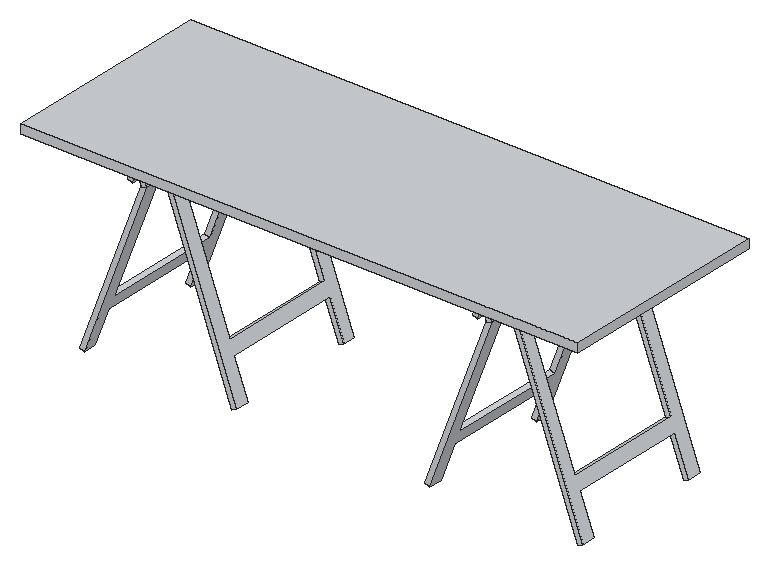
Revit family "Mesa com Cavalete Madeira", category Mobiliário, Revit 2019
Family settings
  Número OmniClass = 23.40.20.00
  Título OmniClass = General Furniture and Specialties
  Com base no plano de trabalho = Não
  Sempre na vertical = Sim
  Corte com vazios quando carregada = Não
  Compartilhado = Não
  Ponto de cálculo do ambiente = Não
Parameters (values of type "210 x 85 x 80")
  Tampo [instance] = none
  Profundidade [instance] = 85 cm
  Off Set Cavalete = 40 cm
  Largura [instance] = 210 cm
Reference planes (cm)
  plane 1 "Centro (Frente/Trás)": y = 0
  plane 2: z = 0
  plane 3 "Centro (Esquerda/Direita)": x = 0
Forms (cm)
  Extrusion 1, solid, material <- "Tampo"
    sketch origin (0, 5, 0) x (1, 0, 0) y (0, 1, 0)
      loop
        line (0, 0) -> (210, 0) -> (210, 80) -> (0, 80) -> (0, 0)
    from 75.7127 to 79
Dimensions and locks (cm)
  "Profundidade": plane 1 "Centro (Frente/Trás)" to Extrusion 1
  "Largura": plane 3 "Centro (Esquerda/Direita)" to Extrusion 1
  "Off Set Cavalete": Extrusion 1 to nested 1
  "Off Set Cavalete": nested 2 to Extrusion 1
  aligned and locked: level to plane 2
  aligned and locked: Extrusion 1 to nested 1
  aligned and locked: nested 2 to Extrusion 1
Automatic sketch dimensions
  Extrusion 1 sketch curve to plane 3 "Centro (Esquerda/Direita)" = 0 cm
  Extrusion 1 sketch curve to plane 1 "Centro (Frente/Trás)" = 5 cm
  plane 3 "Centro (Esquerda/Direita)" to Extrusion 1 sketch curve = 210 cm
  Extrusion 1 sketch curve to plane 1 "Centro (Frente/Trás)" = 85 cm
Nested families (cm)
  nested 1: "Cavalete Madeira Eucalipto" at (40, 10, 0) x (0, 1, 0) z (0, 0, 1), type "Cavalete Madeira Eucalipto"
  nested 2: "Cavalete Madeira Eucalipto" at (170, 10, 0) x (0, 1, 0) z (0, 0, 1), type "Cavalete Madeira Eucalipto"
Definition of nested family "Cavalete Madeira Eucalipto"
  Parameters
    Cavalete = none
  Reference planes (cm)
    plane 1 "Centro (Frente/Trás)": y = 0
    plane 2: z = 0
    plane 3 "Centro (Esquerda/Direita)": x = 0
  Forms (cm)
    Extrusion 1, solid, material <- "Cavalete"
      sketch origin (0, -27.7904, 0) x (1, 0, 0) y (0, 0.34738, 0.937724)
        loop
          line (10, 0) -> (15, 0) -> (15, 15) -> (60, 15) -> (60, 0) -> (65, 0) -> (65, 75) -> (75, 75) -> (75, 80) -> (0, 80) -> (0, 75) -> (10, 75) -> (10, 0)
        loop
          line (15, 20) -> (60, 20) -> (60, 75) -> (15, 75) -> (15, 20)
      from 0 to 2
    Extrusion 2, solid, material <- "Cavalete"
      sketch origin (0, 27.7904, 0) x (1, 0, 0) y (0, 0.34738, -0.937724)
        loop
          line (10, 0) -> (10, -75) -> (0, -75) -> (0, -80) -> (75, -80) -> (75, -75) -> (65, -75) -> (65, 0) -> (60, 0) -> (60, -15) -> (15, -15) -> (15, 0) -> (10, 0)
        loop
          line (15, -20) -> (15, -75) -> (60, -75) -> (60, -20) -> (15, -20)
      from 0 to 2
  Dimensions and locks (cm)
    aligned and locked: level to plane 2
